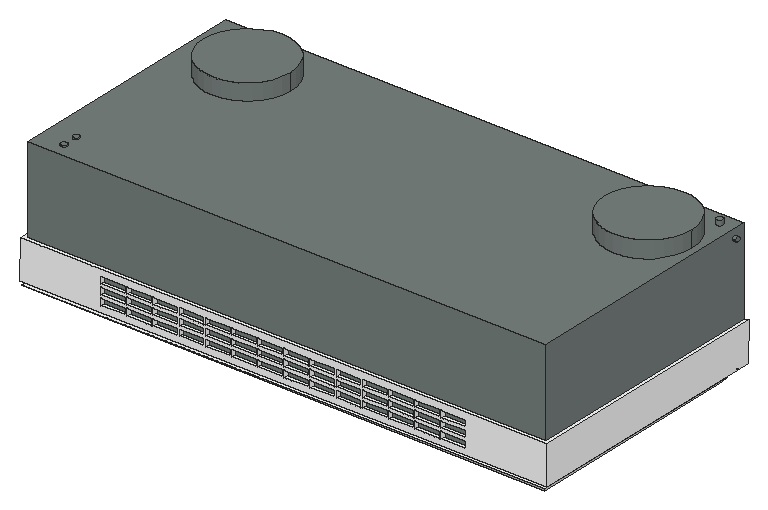
Revit family "AM 800 VB", category Mechanical Equipment, Revit 2019
Family settings
  Round Connector Dimension = Use Diameter
  Part Type = Normal
  OmniClass Number = 23.75.00.00
  OmniClass Title = Climate Control (HVAC)
  Work Plane-Based = No
  Always vertical = Yes
  Cut with Voids When Loaded = No
  Shared = No
  Room Calculation Point = No
Parameters
  Weight (Standard Unit) = 108  # constant formula
  Water Heater Surface Return = 10 mm  # constant formula
  Water Heater Surface IN = 10 mm  # constant formula
  URL = "www.airmaster-as.com"
  Total Width = 1910 mm  # constant formula
  Total Hight = 474 mm  # constant formula
  Top Panel [instance] = no
  T-C Duct Exhaust = 252 mm  # constant formula
  T-C Duct Supply = 252 mm  # constant formula
  Suply Air In = 315 mm  # constant formula
  R-C Duct Exhaust = 222 mm  # constant formula
  Phase 1 - Max Power Consumption = "4035 W"
  Phase 1 - Max Current = "12 A"
  Nominal current, electrical preheating surface = "6,5 A"
  Nominal current, electrical comfort heating surface = "4,4 A"
  Nominal current, air handling unit = "1,1 A"
  Network Conection = "AWG 24 CAT 5e STP"
  Model = "AM 800 VB"
  Middle Panel [instance] = no
  Max. flow rate 35 dB(A) with ePM10 80% filters = 538.00 m³  # constant formula
  Max. flow rate 35 dB(A) with ePM10 55% filters = 605.00 m³  # constant formula
  Max. flow rate 35 dB(A) with ePM10 50% filters = 672.00 m³  # constant formula
  Max. flow rate 30 dB(A) with ePM10 80% filters = 482.00 m³  # constant formula
  Max. flow rate 30 dB(A) with ePM10 55% filters = 542.00 m³  # constant formula
  Max. flow rate 30 dB(A) with ePM10 50% filters = 603.00 m³  # constant formula
  Manufacturer = "Airmaster A/S"
  Maintenance [instance] = no
  L-C Duct ESupply = 255 mm  # constant formula
  Exhaust Air = 315 mm  # constant formula
  Total Depth = 916 mm  # constant formula
  Electrical connection = "1 ~ 230 V / N / PE / 50 Hz"
  Drawn By = "LSB"
  Condensate = 9 mm  # constant formula
  BMS Panel = "(PTS) 2x2x0,6"
  BMS Out = "(PTS) 2x2x0,6"
  BMS IN = "(PTS) 2x2x0,6"
  Airflow area [instance] = no
  Air flow area [instance] = Airflow
Reference planes
  plane 1 "Center (Front/Back)": y = 0
  plane 2: z = 0
  plane 3 "Center (Left/Right)": x = 0
  plane 4 "Center L/S": y = -916
  plane 5 "Center L/T": x = -955
  plane 6 "Center L/U": x = 955
  plane 7 "TOP": z = 474
  plane 8 "Center L/V": x = -940
  plane 9 "Center L/W": y = -901
  plane 10 "Center L/X": x = 940
  plane 11 "Panel Buttom": z = 23
  plane 12 "Panel Top": z = 164.5
  plane 13 "Hatch": z = 14.5
  plane 14 "Center L/Z": z = 173.414
  plane 15 "Center L/AA": z = 314.914
  plane 16 "Center L/BB": z = 324.414
  plane 17 "Center L/CC": z = 465.914
Forms (mm)
  Extrusion 1, solid, material "AM Grey"
    sketch origin (0, 0, 0) x (1, 0, 0) y (0, 1, 0)
      loop
        line (-940, 0) -> (-940, -901) -> (940, -901) -> (940, 0) -> (-940, 0)
    from 14.5 to 474
  Extrusion 2, solid, material "AM White"
    sketch origin (794.5, -1524, 23) x (0, -1, 0) y (-1, 0, 0)
      loop
        line (-1524, 1749.5) -> (-1524, 1734.5) -> (-623, 1734.5) -> (-623, -145.5) -> (-1524, -145.5) -> (-1524, -160.5) -> (-608, -160.5) -> (-608, 1749.5) -> (-1524, 1749.5)
    from 0 to -141.5
  Blend 3, solid, material "AM White"
    base sketch origin (-790.646, -1524, 14.5) x (0, -1, 0) y (1, 0, 0)
      loop
        line (-608, -157.387) -> (-608, 1738.657) -> (-1435.677, 1738.657) -> (-1435.677, -157.387) -> (-608, -157.387)
    top sketch origin (-790.646, -1524, 14.5) x (0, -1, 0) y (1, 0, 0)
      loop
        line (-623, -146.037) -> (-623, 1727.646) -> (-1424.161, 1727.646) -> (-1424.161, -146.037) -> (-623, -146.037)
    from 0 to -14.5
  Extrusion 4, void
    sketch origin (1055.25, -916, 23) x (1, 0, 0) y (0, 0, -1)
      loop
        line (-1717.75, -118) -> (-1627.75, -118) -> (-1627.75, -93) -> (-1717.75, -93) -> (-1717.75, -118)
      loop
        line (-1717.75, -83) -> (-1627.75, -83) -> (-1627.75, -58) -> (-1717.75, -58) -> (-1717.75, -83)
      loop
        line (-1717.75, -48) -> (-1627.75, -48) -> (-1627.75, -23) -> (-1717.75, -23) -> (-1717.75, -48)
      loop
        line (-1622.75, -118) -> (-1532.75, -118) -> (-1532.75, -93) -> (-1622.75, -93) -> (-1622.75, -118)
      loop
        line (-1622.75, -83) -> (-1532.75, -83) -> (-1532.75, -58) -> (-1622.75, -58) -> (-1622.75, -83)
      loop
        line (-1622.75, -48) -> (-1532.75, -48) -> (-1532.75, -23) -> (-1622.75, -23) -> (-1622.75, -48)
      loop
        line (-1527.75, -118) -> (-1437.75, -118) -> (-1437.75, -93) -> (-1527.75, -93) -> (-1527.75, -118)
      loop
        line (-1527.75, -83) -> (-1437.75, -83) -> (-1437.75, -58) -> (-1527.75, -58) -> (-1527.75, -83)
      loop
        line (-1527.75, -48) -> (-1437.75, -48) -> (-1437.75, -23) -> (-1527.75, -23) -> (-1527.75, -48)
      loop
        line (-1432.75, -118) -> (-1342.75, -118) -> (-1342.75, -93) -> (-1432.75, -93) -> (-1432.75, -118)
      loop
        line (-1432.75, -83) -> (-1342.75, -83) -> (-1342.75, -58) -> (-1432.75, -58) -> (-1432.75, -83)
      loop
        line (-1432.75, -48) -> (-1342.75, -48) -> (-1342.75, -23) -> (-1432.75, -23) -> (-1432.75, -48)
      loop
        line (-1337.75, -118) -> (-1247.75, -118) -> (-1247.75, -93) -> (-1337.75, -93) -> (-1337.75, -118)
      loop
        line (-1337.75, -83) -> (-1247.75, -83) -> (-1247.75, -58) -> (-1337.75, -58) -> (-1337.75, -83)
      loop
        line (-1337.75, -48) -> (-1247.75, -48) -> (-1247.75, -23) -> (-1337.75, -23) -> (-1337.75, -48)
      loop
        line (-1242.75, -118) -> (-1152.75, -118) -> (-1152.75, -93) -> (-1242.75, -93) -> (-1242.75, -118)
      loop
        line (-1242.75, -83) -> (-1152.75, -83) -> (-1152.75, -58) -> (-1242.75, -58) -> (-1242.75, -83)
      loop
        line (-1242.75, -48) -> (-1152.75, -48) -> (-1152.75, -23) -> (-1242.75, -23) -> (-1242.75, -48)
      loop
        line (-1147.75, -118) -> (-1057.75, -118) -> (-1057.75, -93) -> (-1147.75, -93) -> (-1147.75, -118)
      loop
        line (-1147.75, -83) -> (-1057.75, -83) -> (-1057.75, -58) -> (-1147.75, -58) -> (-1147.75, -83)
      loop
        line (-1147.75, -48) -> (-1057.75, -48) -> (-1057.75, -23) -> (-1147.75, -23) -> (-1147.75, -48)
      loop
        line (-1052.75, -118) -> (-962.75, -118) -> (-962.75, -93) -> (-1052.75, -93) -> (-1052.75, -118)
      loop
        line (-1052.75, -83) -> (-962.75, -83) -> (-962.75, -58) -> (-1052.75, -58) -> (-1052.75, -83)
      loop
        line (-1052.75, -48) -> (-962.75, -48) -> (-962.75, -23) -> (-1052.75, -23) -> (-1052.75, -48)
      loop
        line (-957.75, -118) -> (-867.75, -118) -> (-867.75, -93) -> (-957.75, -93) -> (-957.75, -118)
      loop
        line (-957.75, -83) -> (-867.75, -83) -> (-867.75, -58) -> (-957.75, -58) -> (-957.75, -83)
      loop
        line (-957.75, -48) -> (-867.75, -48) -> (-867.75, -23) -> (-957.75, -23) -> (-957.75, -48)
      loop
        line (-862.75, -118) -> (-772.75, -118) -> (-772.75, -93) -> (-862.75, -93) -> (-862.75, -118)
      loop
        line (-862.75, -83) -> (-772.75, -83) -> (-772.75, -58) -> (-862.75, -58) -> (-862.75, -83)
      loop
        line (-862.75, -48) -> (-772.75, -48) -> (-772.75, -23) -> (-862.75, -23) -> (-862.75, -48)
      loop
        line (-767.75, -118) -> (-677.75, -118) -> (-677.75, -93) -> (-767.75, -93) -> (-767.75, -118)
      loop
        line (-767.75, -83) -> (-677.75, -83) -> (-677.75, -58) -> (-767.75, -58) -> (-767.75, -83)
      loop
        line (-767.75, -48) -> (-677.75, -48) -> (-677.75, -23) -> (-767.75, -23) -> (-767.75, -48)
      loop
        line (-672.75, -118) -> (-582.75, -118) -> (-582.75, -93) -> (-672.75, -93) -> (-672.75, -118)
      loop
        line (-672.75, -83) -> (-582.75, -83) -> (-582.75, -58) -> (-672.75, -58) -> (-672.75, -83)
      loop
        line (-672.75, -48) -> (-582.75, -48) -> (-582.75, -23) -> (-672.75, -23) -> (-672.75, -48)
      loop
        line (-577.75, -118) -> (-487.75, -118) -> (-487.75, -93) -> (-577.75, -93) -> (-577.75, -118)
      loop
        line (-577.75, -83) -> (-487.75, -83) -> (-487.75, -58) -> (-577.75, -58) -> (-577.75, -83)
      loop
        line (-577.75, -48) -> (-487.75, -48) -> (-487.75, -23) -> (-577.75, -23) -> (-577.75, -48)
      loop
        line (-482.75, -118) -> (-392.75, -118) -> (-392.75, -93) -> (-482.75, -93) -> (-482.75, -118)
      loop
        line (-482.75, -83) -> (-392.75, -83) -> (-392.75, -58) -> (-482.75, -58) -> (-482.75, -83)
      loop
        line (-482.75, -48) -> (-392.75, -48) -> (-392.75, -23) -> (-482.75, -23) -> (-482.75, -48)
    from 0 to 15
  Extrusion 5, solid, material "AM Grey"
    sketch origin (940, 0, 0) x (0, -1, 0) y (0, 0, -1)
      loop
        circle (48.75, -36.414) r 8
    from 0 to 15
  Extrusion 6, solid, material "AM Grey"
    sketch origin (-940, -878.072, 0.549) x (0, 1, 0) y (0, 0, -1)
      loop
        arc (97.447, -426.641) -> (85.619, -415.215) -> (74.05, -426.903) r 11.7
        arc (74.05, -426.903) -> (85.881, -438.614) -> (97.447, -426.641) r 11.7
    from 0 to 2
  Extrusion 7, solid, material "AM Grey"
    sketch origin (-940, -892.224, 0.658) x (0, 1, 0) y (0, 0, -1)
      loop
        arc (56.677, -428.239) -> (46.918, -415.112) -> (33.131, -423.914) r 12
        arc (33.131, -423.914) -> (42.582, -438.717) -> (56.677, -428.239) r 12
    from 0 to 2
  Extrusion 8, solid, material "AM Grey"
    sketch origin (-1697.474, 21.256, 474) x (1, 0, 0) y (0, 1, 0)
      loop
        arc (848.662, -826.53) -> (848, -804.55) -> (847.338, -826.53) r 11
        line (847.338, -826.53) -> (848.662, -826.53)
    from 0 to 2
  Extrusion 9, solid, material "AM Grey"
    sketch origin (-1697.474, 6.881, 474) x (1, 0, 0) y (0, 1, 0)
      loop
        arc (848.662, -867.28) -> (848, -845.3) -> (847.338, -867.28) r 11
        line (847.338, -867.28) -> (848.662, -867.28)
    from 0 to 2
  Extrusion 10, solid, material "Maintenece", visible <- "Maintenance"
    sketch origin (-790.646, -1524, 0) x (1, 0, 0) y (0, -1, 0)
      loop
        line (-164.354, -1524) -> (1745.646, -1524) -> (1745.646, -608) -> (-164.354, -608) -> (-164.354, -1524)
    from 0 to 1200
  Extrusion 11, void
    sketch origin (-955, 0, 23) x (0, 1, 0) y (0, 0, 1)
      loop
        line (-260.5, 116.914) -> (-350.5, 116.914) -> (-350.5, 88.55) -> (-260.5, 88.55) -> (-260.5, 116.914)
      loop
        line (-260.5, 83.55) -> (-350.5, 83.55) -> (-350.5, 55.55) -> (-260.5, 55.55) -> (-260.5, 83.55)
      loop
        line (-260.5, 50.55) -> (-350.5, 50.55) -> (-350.5, 22.55) -> (-260.5, 22.55) -> (-260.5, 50.55)
      loop
        line (-355.5, 116.914) -> (-445.5, 116.914) -> (-445.5, 88.55) -> (-355.5, 88.55) -> (-355.5, 116.914)
      loop
        line (-355.5, 83.55) -> (-445.5, 83.55) -> (-445.5, 55.55) -> (-355.5, 55.55) -> (-355.5, 83.55)
      loop
        line (-355.5, 50.55) -> (-445.5, 50.55) -> (-445.5, 22.55) -> (-355.5, 22.55) -> (-355.5, 50.55)
      loop
        line (-450.5, 116.914) -> (-540.5, 116.914) -> (-540.5, 88.55) -> (-450.5, 88.55) -> (-450.5, 116.914)
      loop
        line (-450.5, 83.55) -> (-540.5, 83.55) -> (-540.5, 55.55) -> (-450.5, 55.55) -> (-450.5, 83.55)
      loop
        line (-450.5, 50.55) -> (-540.5, 50.55) -> (-540.5, 22.55) -> (-450.5, 22.55) -> (-450.5, 50.55)
      loop
        line (-545.5, 116.914) -> (-635.5, 116.914) -> (-635.5, 88.55) -> (-545.5, 88.55) -> (-545.5, 116.914)
      loop
        line (-545.5, 83.55) -> (-635.5, 83.55) -> (-635.5, 55.55) -> (-545.5, 55.55) -> (-545.5, 83.55)
      loop
        line (-545.5, 50.55) -> (-635.5, 50.55) -> (-635.5, 22.55) -> (-545.5, 22.55) -> (-545.5, 50.55)
      loop
        line (-640.5, 116.914) -> (-730.5, 116.914) -> (-730.5, 88.55) -> (-640.5, 88.55) -> (-640.5, 116.914)
      loop
        line (-640.5, 83.55) -> (-730.5, 83.55) -> (-730.5, 55.55) -> (-640.5, 55.55) -> (-640.5, 83.55)
      loop
        line (-640.5, 50.55) -> (-730.5, 50.55) -> (-730.5, 22.55) -> (-640.5, 22.55) -> (-640.5, 50.55)
      loop
        line (-735.5, 116.914) -> (-825.5, 116.914) -> (-825.5, 88.55) -> (-735.5, 88.55) -> (-735.5, 116.914)
      loop
        line (-735.5, 83.55) -> (-825.5, 83.55) -> (-825.5, 55.55) -> (-735.5, 55.55) -> (-735.5, 83.55)
      loop
        line (-735.5, 50.55) -> (-825.5, 50.55) -> (-825.5, 22.55) -> (-735.5, 22.55) -> (-735.5, 50.55)
    from 0 to 15
  Extrusion 12, solid, material "AM Grey"
    sketch origin (0, 0, 474) x (1, 0, 0) y (0, 1, 0)
      loop
        arc (880.766, -33.956) -> (876.81, -38.388) -> (875.622, -44.209) r 11.4
        arc (875.622, -44.209) -> (897.19, -48.612) -> (880.766, -33.956) r 11.4
    from 0 to 15
  Extrusion 13, solid, material "AM Grey"
    sketch origin (940, 0, 0) x (0, -1, 0) y (0, 0, -1)
      loop
        circle (47.646, -447.784) r 8
    from 0 to 15
  Extrusion 14, solid, material "AM Grey"
    sketch origin (-940, 0, 0) x (1, 0, 0) y (0, 0, -1)
      loop
        circle (1813, -35) r 12
    from 0 to 15
  Extrusion 15, solid, material "AM White", visible <- "Middle Panel"
    sketch origin (794.5, -1524, 173.414) x (0, -1, 0) y (-1, 0, 0)
      loop
        line (-1524, 1749.5) -> (-1524, 1734.5) -> (-623, 1734.5) -> (-623, -145.5) -> (-1524, -145.5) -> (-1524, -160.5) -> (-608, -160.5) -> (-608, 1749.5) -> (-1524, 1749.5)
    from 0 to -141.5
  Extrusion 16, solid, material "AM White", visible <- "Top Panel"
    sketch origin (794.5, -1524, 324.414) x (0, -1, 0) y (-1, 0, 0)
      loop
        line (-1524, 1749.5) -> (-1524, 1734.5) -> (-623, 1734.5) -> (-623, -145.5) -> (-1524, -145.5) -> (-1524, -160.5) -> (-608, -160.5) -> (-608, 1749.5) -> (-1524, 1749.5)
    from 0 to -141.5
  Extrusion 17, solid, material "Airflow" <- "Air flow area", visible <- "Airflow area"
    sketch origin (-790.646, -1524, 0) x (1, 0, 0) y (0, -1, 0)
      loop
        line (-164.354, -1524) -> (-164.354, -608) -> (-664.354, -608) -> (-664.354, -1524) -> (-164.354, -1524)
    from 0 to -164.5
  Extrusion 18, solid, material "AM White"
    sketch origin (0, 0, 14.5) x (0, 1, 0) y (1, 0, 0)
      loop
        line (0, 940) -> (-88.323, 940) -> (-88.323, -940) -> (0, -940) -> (0, 940)
    from 0 to 3
  Extrusion 19, solid, material "AM Grey"
    sketch origin (0, 0, 474) x (1, 0, 0) y (0, 1, 0)
      loop
        circle (-700, -205.5) r 157.5
    from 0 to 60
  Extrusion 20, solid, material "AM Grey"
    sketch origin (0, 0, 474) x (1, 0, 0) y (0, 1, 0)
      loop
        circle (757, -205.5) r 157.5
    from 0 to 60
Cuts and joins
  Extrusion 4, Extrusion 11 cuts Extrusion 1
  Extrusion 4, Extrusion 11 cuts Extrusion 2
Dimensions and locks
  "Total Depth": plane 4 "Center L/S" to plane 1 "Center (Front/Back)"
  equal spacing: plane 5 "Center L/T", plane 3 "Center (Left/Right)", plane 6 "Center L/U"
  "Total Width": plane 5 "Center L/T" to plane 6 "Center L/U"
  "Total Hight": plane 7 "TOP" to level
  locked: plane 10 "Center L/X" to plane 6 "Center L/U" at 15
  locked: plane 4 "Center L/S" to plane 9 "Center L/W" at 15
  locked: plane 5 "Center L/T" to plane 8 "Center L/V" at 15
  Extrusion 1 to Blend 3 sketch curve = 99.839 mm
  nested 2 to cut or joined group of Extrusion 2, Extrusion 4, Extrusion 11 = 500 mm
  Extrusion 14 sketch curve to plane 5 "Center L/T" = 1828 mm
  Extrusion 14 sketch curve to plane 7 "TOP" = 439 mm
  "Suply Air In": diameter of Extrusion 19 sketch curve
  "Suply Air In": diameter of Extrusion 20 sketch curve
  aligned and locked: level to plane 2
  aligned and locked: plane 1 "Center (Front/Back)" to Extrusion 1 sketch curve
  aligned and locked: Extrusion 1 sketch curve to plane 8 "Center L/V"
  aligned and locked: Extrusion 1 sketch curve to plane 9 "Center L/W"
  aligned and locked: Extrusion 1 sketch curve to plane 10 "Center L/X"
  aligned and locked: plane 7 "TOP" to Extrusion 1
  aligned and locked: plane 5 "Center L/T" to Extrusion 2 sketch curve
  aligned and locked: plane 4 "Center L/S" to Extrusion 2 sketch curve
  aligned and locked: plane 6 "Center L/U" to Extrusion 2 sketch curve
  aligned and locked: Extrusion 2 sketch curve to Extrusion 1  (x3)
  aligned and locked: plane 1 "Center (Front/Back)" to Extrusion 2 sketch curve
  aligned and locked: Extrusion 2 to plane 12 "Panel Top"
  aligned and locked: Blend 3 to plane 2
  aligned and locked: Extrusion 1 to plane 13 "Hatch"
  aligned and locked: Extrusion 10 sketch curve to cut or joined group of Extrusion 2, Extrusion 4, Extrusion 11  (x4)
  aligned and locked: Extrusion 15 to plane 15 "Center L/AA"
  aligned and locked: Extrusion 16 to plane 17 "Center L/CC"
Automatic sketch dimensions
  plane 1 "Center (Front/Back)" to Extrusion 2 sketch curve = 0 mm
  plane 4 "Center L/S" to Blend 3 sketch curve = 0 mm
  Blend 3 sketch curve to plane 6 "Center L/U" = 6.989 mm
  plane 1 "Center (Front/Back)" to Blend 3 sketch curve = 88.323 mm
  plane 5 "Center L/T" to Blend 3 sketch curve = 6.967 mm
  Blend 3 sketch curve to plane 9 "Center L/W" = 0 mm
  plane 8 "Center L/V" to Blend 3 sketch curve = 3.316 mm
  Blend 3 sketch curve to plane 10 "Center L/X" = 3 mm
  Extrusion 4 sketch curve to Extrusion 2 = 23.5 mm  (x2)
  Extrusion 4 sketch curve to Extrusion 2 = 292.5 mm
  Extrusion 4 sketch curve to Extrusion 4 sketch curve = 0 mm  (x88)
  Extrusion 4 sketch curve to Extrusion 4 sketch curve = 90 mm  (x14)
  Extrusion 4 sketch curve to Extrusion 4 sketch curve = 5 mm  (x39)
  Extrusion 4 sketch curve to Extrusion 4 sketch curve = 25 mm  (x10)
  Extrusion 4 sketch curve to Extrusion 4 sketch curve = 10 mm  (x9)
  Extrusion 4 sketch curve to Extrusion 2 = 23 mm  (x5)
  Extrusion 1 to Extrusion 5 sketch curve = 21.914 mm
  Extrusion 1 to Extrusion 5 sketch curve = 48.75 mm
  Extrusion 6 sketch curve to Extrusion 6 sketch curve = 0 mm  (x2)
  Extrusion 1 to Extrusion 6 sketch curve = 46.537 mm
  Extrusion 6 sketch curve to Extrusion 1 = 108.678 mm
  Extrusion 6 sketch curve to Extrusion 6 sketch curve = 11.7 mm
  Extrusion 6 sketch curve to Extrusion 6 sketch curve = 11.697 mm
  Extrusion 6 sketch curve to Extrusion 6 sketch curve = 0.011 mm
  Extrusion 7 sketch curve to Extrusion 7 sketch curve = 0 mm  (x2)
  Extrusion 7 sketch curve to Extrusion 1 = 53.526 mm
  Extrusion 1 to Extrusion 7 sketch curve = 46.428 mm
  Extrusion 7 sketch curve to Extrusion 7 sketch curve = 11.619 mm
  Extrusion 7 sketch curve to Extrusion 7 sketch curve = 11.927 mm
  Extrusion 7 sketch curve to Extrusion 7 sketch curve = 1.325 mm
  Extrusion 8 sketch curve to Extrusion 1 = 89.864 mm
  Extrusion 8 sketch curve to Extrusion 8 sketch curve = 0.662 mm
  Extrusion 8 sketch curve to Extrusion 1 = 95.726 mm
  Extrusion 8 sketch curve to Extrusion 8 sketch curve = 10.98 mm
  Extrusion 9 sketch curve to Extrusion 1 = 89.864 mm
  Extrusion 9 sketch curve to Extrusion 9 sketch curve = 0.662 mm
  Extrusion 9 sketch curve to Extrusion 1 = 40.601 mm
  Extrusion 9 sketch curve to Extrusion 9 sketch curve = 10.98 mm
  Extrusion 11 sketch curve to Extrusion 2 = 22.55 mm  (x2)
  Extrusion 2 to Extrusion 11 sketch curve = 90.5 mm
  Extrusion 11 sketch curve to Extrusion 11 sketch curve = 0 mm  (x33)
  Extrusion 11 sketch curve to Extrusion 11 sketch curve = 90 mm  (x6)
  Extrusion 11 sketch curve to Extrusion 11 sketch curve = 5 mm  (x21)
  Extrusion 11 sketch curve to Extrusion 11 sketch curve = 28 mm  (x6)
  Extrusion 11 sketch curve to Extrusion 2 = 24.586 mm  (x3)
  Extrusion 12 sketch curve to Extrusion 12 sketch curve = 0 mm  (x2)
  Extrusion 12 sketch curve to Extrusion 1 = 53 mm
  Extrusion 12 sketch curve to Extrusion 1 = 43.5 mm
  Extrusion 12 sketch curve to Extrusion 12 sketch curve = 6.234 mm
  Extrusion 12 sketch curve to Extrusion 12 sketch curve = 11.378 mm
  Extrusion 12 sketch curve to Extrusion 12 sketch curve = 0.709 mm
  Extrusion 1 to Extrusion 13 sketch curve = 47.646 mm
  Extrusion 1 to Extrusion 13 sketch curve = 26.216 mm
  plane 1 "Center (Front/Back)" to Extrusion 15 sketch curve = 0 mm  (x2)
  Extrusion 15 sketch curve to plane 8 "Center L/V" = 0 mm
  Extrusion 15 sketch curve to plane 9 "Center L/W" = 0 mm
  plane 4 "Center L/S" to Extrusion 15 sketch curve = 0 mm
  Extrusion 15 sketch curve to plane 5 "Center L/T" = 0 mm
  Extrusion 15 sketch curve to plane 10 "Center L/X" = 0 mm
  Extrusion 15 sketch curve to plane 6 "Center L/U" = 0 mm
  plane 1 "Center (Front/Back)" to Extrusion 16 sketch curve = 0 mm  (x2)
  Extrusion 16 sketch curve to plane 8 "Center L/V" = 0 mm
  Extrusion 16 sketch curve to plane 9 "Center L/W" = 0 mm
  plane 4 "Center L/S" to Extrusion 16 sketch curve = 0 mm
  Extrusion 16 sketch curve to plane 5 "Center L/T" = 0 mm
  Extrusion 16 sketch curve to plane 10 "Center L/X" = 0 mm
  Extrusion 16 sketch curve to plane 6 "Center L/U" = 0 mm
  Extrusion 17 sketch curve to Blend 3 = 99.839 mm
  Extrusion 17 sketch curve to Blend 3 = 518.316 mm
  Extrusion 17 sketch curve to Blend 3 = 18.316 mm
  Extrusion 17 sketch curve to Blend 3 = 15 mm
  Extrusion 18 sketch curve to Extrusion 1 = 0 mm  (x2)
  Extrusion 1 to Extrusion 18 sketch curve = 0 mm
  Extrusion 1 to Extrusion 18 sketch curve = 88.323 mm
  Extrusion 19 sketch curve to Extrusion 1 = 240 mm
  Extrusion 19 sketch curve to Extrusion 1 = 205.5 mm
  Extrusion 20 sketch curve to Extrusion 1 = 183 mm
  Extrusion 20 sketch curve to Extrusion 1 = 205.5 mm
  radius of Extrusion 5 sketch curve = 8 mm
  radius of Extrusion 13 sketch curve = 8 mm
  radius of Extrusion 14 sketch curve = 12 mm
Nested families
  nested 1: "Model Label 2019" at (0, -361.924, 0), Label <- "Model", type "Model Label 2019"
    with Label "AM 800 VB"
  nested 2: "indblæssymbol" at (11.742, -966, 0) x (0, -1, 0) z (0, 0, 1), type "indblæssymbol"
    with dX_ 609 mm, dX 609 mm, ang2D 0.00°
  nested 3: "Pil Indtag" at (-1555, -460, 0), type "Pil Indtag"
    with dX_ 609 mm, dX 609 mm, ang2D 0.00°
Connectors
  piping at (-942, -847.32, 426.735), diameter 10, driven by "Water Heater Surface IN"
    settings: on Extrusion 7, index 6, connector inside diameter 609.6 mm, connector length 0 mm, flow factor 0, pipe flow 0.0 L/s, pressure drop 0.0 Pa, fitting loss kfactor 0, connector angle 0.00°, fixture units 0, engagement length 0 mm, angle of deflection 0.00°, flow configuration 0, flow direction 1, fitting loss method 0, system type 7, joint type 0, gender type 0, connector reference index -1, connector utility 0, adjustable connector no, is connector primary yes, connector description ""
  piping at (-942, -792.324, 427.321), diameter 10, driven by "Water Heater Surface Return"
    settings: on Extrusion 6, index 7, connector inside diameter 609.6 mm, connector length 0 mm, flow factor 0, pipe flow 0.0 L/s, pressure drop 0.0 Pa, fitting loss kfactor 0, connector angle 0.00°, fixture units 0, engagement length 0 mm, angle of deflection 0.00°, flow configuration 0, flow direction 2, fitting loss method 0, system type 8, joint type 0, gender type 0, connector reference index -1, connector utility 0, adjustable connector no, is connector primary no, connector description ""
  piping at (-849.474, -860.399, 476), diameter 10, driven by "Water Heater Surface IN"
    settings: on Extrusion 9, index 11, connector inside diameter 609.6 mm, connector length 0 mm, flow factor 0, pipe flow 0.0 L/s, pressure drop 0.0 Pa, fitting loss kfactor 0, connector angle 0.00°, fixture units 0, engagement length 0 mm, angle of deflection 0.00°, flow configuration 0, flow direction 0, fitting loss method 0, system type 19, joint type 0, gender type 0, connector reference index -1, connector utility 0, adjustable connector no, is connector primary no, connector description ""
  piping at (-849.474, -805.274, 476), diameter 10, driven by "Water Heater Surface Return"
    settings: on Extrusion 8, index 12, connector inside diameter 609.6 mm, connector length 0 mm, flow factor 0, pipe flow 0.0 L/s, pressure drop 0.0 Pa, fitting loss kfactor 0, connector angle 0.00°, fixture units 0, engagement length 0 mm, angle of deflection 0.00°, flow configuration 0, flow direction 0, fitting loss method 0, system type 19, joint type 0, gender type 0, connector reference index -1, connector utility 0, adjustable connector no, is connector primary no, connector description ""
  electrical at (955, -47.646, 447.784)
    settings: on Extrusion 13, index 13, voltage 230 V, apparent load 0 VA, apparent load phase1 0 VA, apparent load phase2 0 VA, apparent load phase3 0 VA, power factor 0.56, load classification "Other", number of poles 1, system type 30, power factor state 1, is connector primary yes, connector utility no, sub classification motor no, connector description ""
  electrical at (878.194, -39.082, 489)
    settings: on Extrusion 12, index 14, voltage 230 V, apparent load 0 VA, apparent load phase1 0 VA, apparent load phase2 0 VA, apparent load phase3 0 VA, power factor 0.56, load classification "Other", number of poles 1, system type 30, power factor state 1, is connector primary no, connector utility no, sub classification motor no, connector description ""
  piping at (955, -48.75, 36.414), diameter 9, driven by "Condensate"
    settings: on Extrusion 5, index 15, connector inside diameter 609.6 mm, connector length 0 mm, flow factor 0, pipe flow 0.0 L/s, pressure drop 0.0 Pa, fitting loss kfactor 0, connector angle 0.00°, fixture units 0, engagement length 0 mm, angle of deflection 0.00°, flow configuration 0, flow direction 0, fitting loss method 0, system type 16, joint type 0, gender type 0, connector reference index -1, connector utility 0, adjustable connector no, is connector primary no, connector description ""
  piping at (873, 15, 35), diameter 9, driven by "Condensate"
    settings: on Extrusion 14, index 16, connector inside diameter 609.6 mm, connector length 0 mm, flow factor 0, pipe flow 0.0 L/s, pressure drop 0.0 Pa, fitting loss kfactor 0, connector angle 0.00°, fixture units 0, engagement length 0 mm, angle of deflection 0.00°, flow configuration 0, flow direction 0, fitting loss method 0, system type 16, joint type 0, gender type 0, connector reference index -1, connector utility 0, adjustable connector no, is connector primary no, connector description ""
  hvac at (-700, -205.5, 474), driven by "Exhaust Air"
    settings: on Extrusion 19, index 17, duct flow 0.0 L/s, flow factor 0, pres drop 0.0 Pa, loss coef 0, conn angle 0.00°, conn width 304.8 mm, conn height 304.8 mm, conn diameter 315 mm, duct sys type 1, conn prof type 0, flow config 0, flow direction 1, loss method 0, conn ref index -1, conn util no, is conn primary yes, conn desc ""
  hvac at (757, -205.5, 474), driven by "Exhaust Air"
    settings: on Extrusion 20, index 18, duct flow 0.0 L/s, flow factor 0, pres drop 0.0 Pa, loss coef 0, conn angle 0.00°, conn width 304.8 mm, conn height 304.8 mm, conn diameter 315 mm, duct sys type 3, conn prof type 0, flow config 0, flow direction 2, loss method 0, conn ref index -1, conn util no, is conn primary no, conn desc ""
Definition of nested family "Model Label 2019"
  Parameters (values of type "Model Label 2019")
    Label [instance] = ""
  Reference planes
    plane 1: y = 0
    plane 2: x = 0
  Text (mm)
    label "Label" at (-0.131, 0.049, 0), shows "Label"
Definition of nested family "indblæssymbol"
  Parameters (values of type "indblæssymbol")
    dX_ [instance] = if(dX = 0 mm, 1 mm, dX)  # 609 mm
    dX [instance] = 609 mm
    ang2D [instance] = 0.00°
    Type Comments = "DO NOT CHANGE dX value from 608 mm ( 2 ft )"
    Afstand pil = 50 mm
  Reference planes
    plane 1 "Center (Front/Back)": y = 0
    plane 2: z = 0
    plane 3 "Center (Left/Right)": x = 0
  Lines and regions (mm)
    Filled region 1, type "Concrete", in view "Ref. Level"
      outline origin (50.005, 0, 0) x (1, 0, 0) y (0, 1, 0)
        loop
          line (399.995, 0.414) -> (301.442, 17.365) -> (301.588, -17.365) -> (399.995, 0.414)
    reference lines, in view "Ref. Level"
      curve 1: line (50, 134.129, 0) -> (50, -145.871, 0)
    detail lines, in view "Ref. Level"
      curve 2: line (351.52, 0, 0) -> (50, 0, 0)
  Dimensions and locks
    "Afstand pil": plane 3 "Center (Left/Right)" to curve 1
    curve 1 to Filled region 1 = 400 mm
  Automatic sketch dimensions
    Filled region 1 sketch curve to plane 1 "Center (Front/Back)" = 0.414 mm
    plane 3 "Center (Left/Right)" to Filled region 1 sketch curve = 450 mm
    plane 1 "Center (Front/Back)" to Filled region 1 sketch curve = 17.365 mm
    Filled region 1 sketch curve to Filled region 1 sketch curve = 98.407 mm
    Filled region 1 sketch curve to plane 1 "Center (Front/Back)" = 17.365 mm
    Filled region 1 sketch curve to Filled region 1 sketch curve = 0.146 mm
    plane 1 "Center (Front/Back)" to curve 2 = 0 mm
    plane 3 "Center (Left/Right)" to curve 2 = 50 mm
    curve 2 to curve 2 = 301.52 mm
    plane 1 "Center (Front/Back)" to curve 1 = 145.871 mm
    curve 1 to plane 1 "Center (Front/Back)" = 134.129 mm
Definition of nested family "Pil Indtag"
  Parameters (values of type "Pil Indtag")
    dX_ [instance] = if(dX = 0 mm, 1 mm, dX)  # 609 mm
    dX [instance] = 609 mm
    ang2D [instance] = 0.00°
    Type Comments = "DO NOT CHANGE dX value from 608 mm ( 2 ft )"
    Afstand pil = 50 mm
  Reference planes
    plane 1 "Center (Front/Back)": y = 0
    plane 2: z = 0
    plane 3 "Center (Left/Right)": x = 0
    plane 4: x = 500
  Lines and regions (mm)
    Filled region 1, type "Concrete", in view "Ref. Level"
      outline origin (0, 0, 0) x (1, 0, 0) y (0, 1, 0)
        loop
          line (499.552, 0) -> (401.072, 17.365) -> (401.072, -17.365) -> (499.552, 0)
    reference lines, in view "Ref. Level"
      curve 1: line (50, 134.129, 0) -> (50, -145.871, 0)
    detail lines, in view "Ref. Level", not visible
      curve 2: arc (335, 0, 0) -> (385.559, -50.321, 0) -> (434.999, 1.101, 0) r 50.01
      curve 3: arc (335, 0, 0) -> (285.666, 52.633, 0) -> (235.069, 1.212, 0) r 50.01
      curve 4: line (434.999, 1.101, 0) -> (434.999, 21.156, 0)
      curve 5: line (235.069, 1.212, 0) -> (235.069, -18.844, 0)
    detail lines, in view "Ref. Level"
      curve 6: arc (225.332, 0, 0) -> (272.332, -35.211, 0) -> (294.114, 19.326, 0) r 36.995
      curve 7: arc (225.206, 0, 0) -> (173.868, 30.307, 0) -> (156.85, -26.829, 0) r 37.835
      curve 8: line (499.552, 0, 0) -> (401.072, 17.365, 0)
      curve 9: line (401.072, 17.365, 0) -> (401.072, -17.365, 0)
      curve 10: line (401.072, -17.365, 0) -> (499.552, 0, 0)
      curve 11: line (499.552, 0, 0) -> (-15.448, 0, 0)
  Dimensions and locks
    "Afstand pil": plane 3 "Center (Left/Right)" to curve 1
    plane 3 "Center (Left/Right)" to plane 4 = 500 mm
  Automatic sketch dimensions
    plane 1 "Center (Front/Back)" to Filled region 1 sketch curve = 0 mm
    Filled region 1 sketch curve to plane 4 = 0.448 mm
    plane 1 "Center (Front/Back)" to Filled region 1 sketch curve = 17.365 mm
    Filled region 1 sketch curve to plane 4 = 98.928 mm
    Filled region 1 sketch curve to plane 1 "Center (Front/Back)" = 17.365 mm
    plane 1 "Center (Front/Back)" to curve 11 = 0 mm
    plane 1 "Center (Front/Back)" to curve 7 = 4.913 mm
    plane 3 "Center (Left/Right)" to curve 7 = 187.691 mm
    curve 6 to plane 1 "Center (Front/Back)" = 0.405 mm
    curve 7 to curve 6 = 74.634 mm
    curve 9 to plane 1 "Center (Front/Back)" = 17.365 mm
    curve 9 to plane 4 = 98.928 mm
    curve 11 to plane 4 = 0.448 mm
    plane 1 "Center (Front/Back)" to curve 10 = 17.365 mm
    curve 7 to curve 7 = 30.842 mm
    curve 11 to plane 3 "Center (Left/Right)" = 15.448 mm
    curve 7 to curve 6 = 37.119 mm
    curve 7 to curve 6 = 0.126 mm
    curve 6 to plane 1 "Center (Front/Back)" = 19.326 mm
    plane 1 "Center (Front/Back)" to curve 1 = 145.871 mm
    curve 1 to plane 1 "Center (Front/Back)" = 134.129 mm
